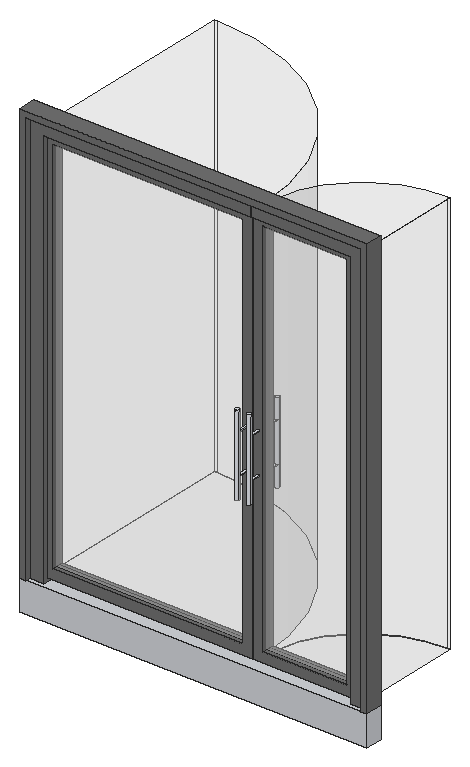
Revit family "AVLN_Дверь_Двупольная_аллюминиевая", category Двери, Revit 2021
Family settings
  Основа = Стена
  Номер OmniClass = 23.30.10.00
  Заголовок OmniClass = Doors
  Всегда вертикально = Да
  При загрузке вырезать с полостями = Нет
  Общий = Нет
  Точка принадлежности помещению = Нет
Parameters (values of type "1730х2100")
  Ширина полотна [instance] = Width - Монтажный зазор * 2 - Коробка толщина * 2 - 10 mm  # 1560 mm
  Ширина левого полотна = 600 mm
  Ширина правого полотна = Width - Ширина левого полотна  # 1130 mm
  ШПП = Ширина правого полотна + Монтажный зазор + Коробка толщина  # 1210 mm
  ШЛП = Ширина левого полотна + Монтажный зазор + Коробка толщина  # 680 mm
  Фрамуга_Справа = no
  Фрамуга_Слева = no
  Тонкая линия проема = yes
  Толщина = 85 mm  # constant formula
  Тип ручки = Дв_Дверная ручка : Ручка стационарная
  Смещение проема [instance] = 150 mm
  Смещение внутрь = 0 mm
  СП1 [instance] = if(Смещение проема = 0 mm, 10 mm, 0 mm)  # 0 mm
  Ручки_Справа = yes
  Ручки_Слева = yes
  Ручка смещение = 30 mm  # constant formula
  Ручка высота = 950 mm  # constant formula
  Рабочая зона = no
  Rough Width = Width - Монтажный зазор * 2  # 1670 mm
  Rough Height = Height - Монтажный зазор  # 2070 mm
  Порожек = no
  Порог_наружний_смещение [instance] = 0 mm
  Порог_внутренний_смещение [instance] = 0 mm
  Порог_внутренний [instance] = no
  Порог [instance] = no
  ПШПП = ШПП + Монтажный зазор + Коробка толщина  # 1290 mm
  ПШЛП = ШЛП + Монтажный зазор + Коробка толщина  # 760 mm
  Определить тепловые свойства по = Тип схем
  Открывание 30° = yes
  Монтажный зазор = 30 mm
  Материал_Рама = AVLN_Материал импоста_RAL 7024
  Материал_Рабочая зона = AVLN_Материал импоста_RAL 7024
  Материал_Панель.Фрамуги_Справа = AVLN_Остекление окон и дверей
  Материал_Панель.Фрамуги_Слева = AVLN_Материал импоста_RAL 7024
  Материал_Панель.2_Справа = AVLN_Остекление окон и дверей
  Материал_Панель.2_Слева = AVLN_Остекление окон и дверей
  Материал_Панель.1_Справа = AVLN_Остекление окон и дверей
  Материал_Монтажный зазор = AVLN_Материал импоста_RAL 7024
  Материал_Панель.1_Слева = AVLN_Остекление окон и дверей
  Материал_Дверной ручки = ADSK_Металл_Окрашенный_Белый матовый
  Коробка.Доп.Ширина = 20 mm  # constant formula
  Коробка толщина = 50 mm
  Type Comments = ""
  КП = Коробка толщина + 5 mm  # 55 mm
  Заполнение под проемом_Видимость [instance] = if(Смещение проема = 0 mm, 1 = 0, 1 = 1)  # yes
  Функция = Внутренние слои
  Model = ""
  Горизонтальный импост_Справа = no
  Горизонтальный импост_Слева = no
  Высота фрамуги = 650 mm
  Высота порога = 40 mm
  Высота горизонтального импоста = 750 mm
  ВФ2 = if(ВФ = 40 mm, 0 mm, 30 mm)  # 0 mm
  ВФ = if(not(Фрамуга_Слева), 40 mm, Высота фрамуги + 70 mm)  # 40 mm
  ВП = if(not(Порожек), 0 mm, Высота порога)  # 0 mm
  Height = 2100 mm
  Замыкание стены = По основе
  Width = 1730 mm
  Аналитическая конструкция = "<Нет>"
  АВЛН_Проем_Ширина [instance] = Width  # 1730 mm
  АВЛН_Проем_Высота [instance] = Height + Смещение проема  # 2250 mm
  ADSK_Примечание [instance] = ""
  ADSK_Позиция [instance] = ""
  ADSK_Площадь [instance] = 0.00 m²
  ADSK_Обозначение = ""
  ADSK_Наименование = ""
  ADSK_Масса = 0
  ADSK_Марка [instance] = ""
  ADSK_Количество [instance] = 0
  ADSK_Единица измерения [instance] = ""
  СМ = Смещение внутрь + Толщина  # 85 mm
Types (3, lengths in mm): name | Ширина полотна | Ширина левого полотна | Ширина правого полотна | ШПП | ШЛП | Фрамуга_Справа | Фрамуга_Слева | Rough Width | Rough Height | Порожек | ПШПП | ПШЛП | Монтажный зазор | Материал_Рама | Материал_Рабочая зона | Материал_Панель.Фрамуги_Справа | Материал_Панель.Фрамуги_Слева | Материал_Панель.2_Справа | Материал_Панель.2_Слева | Материал_Панель.1_Справа | Материал_Монтажный зазор | Материал_Панель.1_Слева | Материал_Дверной ручки | Коробка толщина | Type Comments | КП | Model | Горизонтальный импост_Справа | Горизонтальный импост_Слева | ВФ2 | ВФ | ВП | Height | Width | АВЛН_Проем_Ширина | АВЛН_Проем_Высота | ADSK_Обозначение
  1730х2100 | 1560 | 600 | 1130 | 1210 | 680 | no | no | 1670 | 2070 | no | 1290 | 760 | 30 | AVLN_Материал импоста_RAL 7024 | AVLN_Материал импоста_RAL 7024 | AVLN_Остекление окон и дверей | AVLN_Материал импоста_RAL 7024 | AVLN_Остекление окон и дверей | AVLN_Остекление окон и дверей | AVLN_Остекление окон и дверей | AVLN_Материал импоста_RAL 7024 | AVLN_Остекление окон и дверей | ADSK_Металл_Окрашенный_Белый матовый | 50 | "" | 55 | "" | no | no | 0 | 40 | 0 | 2100 | 1730 | 1730 | 2250 | ""
  1400х2100 | 1150 | 500 | 900 | 1020 | 620 | no | no | 1300 | 2050 | no | 1140 | 740 | 50 | AVLN_Материал импоста_RAL 7024 | AVLN_Материал импоста_RAL 7024 | AVLN_Остекление окон и дверей | AVLN_Материал импоста_RAL 7024 | AVLN_Остекление окон и дверей | AVLN_Остекление окон и дверей | AVLN_Остекление окон и дверей | AVLN_Материал импоста_RAL 7024 | AVLN_Остекление окон и дверей | ADSK_Металл_Окрашенный_Белый матовый | 70 | "Двери наружные" | 75 | "Дверь" | no | no | 0 | 40 | 0 | 2100 | 1400 | 1400 | 2250 | "ГОСТ 23747-2015"
  Для копирования | 1300 | 1000 | 500 | 595 | 1095 | yes | yes | 1440 | 2470 | yes | 690 | 1190 | 30 | none | none | none | none | none | none | none | none | none | none | 65 | "" | 70 | "" | yes | yes | 30 | 720 | 40 | 2500 | 1500 | 1500 | 2650 | ""
Reference planes
  plane 1: y = 0
  plane 2 "По центру (Влево/Вправо)": x = 0
  plane 3 "Слева": x = -865
  plane 4 "Справа": x = 865
  plane 5: z = 2100
  plane 6 "Наружный": y = 150
  plane 7 "Внутренние": y = -150
  plane 8: z = -150
  plane 9: x = -835
  plane 10: x = 835
  plane 11: x = 785
  plane 12: x = -785
  plane 13: z = 2070
  plane 14: z = 2020
  plane 15 "Полотно_Н": y = 150
  plane 16 "Полотно_В": y = 65
  plane 17: z = -150
  plane 18: x = 235
  plane 19: x = 295
  plane 20: z = 950
  plane 21: z = 1015
  plane 22: z = 2000
  plane 23: y = 1280
  plane 24: z = 1050
  plane 25 "ОТКР_Г": y = 165
  plane 26: z = 2030
  plane 27: z = 2030
  plane 28: x = 795
  plane 29: x = -795
  plane 30: z = 0
  plane 31: z = 70
  plane 32 "ОТКР_Д": y = 100
  plane 33: x = -530.2
  plane 34: x = -765
  plane 35: x = 765
  plane 36: x = 530
  plane 37: x = 265
  plane 38: x = -265
  plane 39: x = 295
  plane 40: x = 235
  plane 41: y = 150
  plane 42: y = -150
  plane 43: y = 1250
  plane 44: y = 1200
  plane 45: x = -800
  plane 46: x = 800
  plane 47: y = 750
  plane 48: y = 720
  plane 49: y = 670
Forms (mm)
  Extrusion 1, solid, visible <- "Заполнение под проемом_Видимость", detail levels fine
    sketch origin (0, 150, 0) x (1, 0, 0) y (0, 0, 1)
      loop
        line (865, 0) -> (-865, 0) -> (-865, -150) -> (865, -150) -> (865, 0)
    from 0 to 85
  Extrusion 2, solid, material "AVLN_Материал импоста_RAL 7024" <- "Материал_Монтажный зазор", detail levels fine
    sketch origin (0, -150, 0) x (1, 0, 0) y (0, 0, 1)
      loop
        line (-865, 0) -> (-835, 0) -> (-835, 2070) -> (835, 2070) -> (835, 0) -> (865, 0) -> (865, 2100) -> (-865, 2100) -> (-865, 0)
    from -300 to -215
  Extrusion 3, void
    sketch origin (0, 0, 0) x (1, 0, 0) y (0, 1, 0)
      loop
        line (-865, 1280) -> (-865, 150) -> (865, 150) -> (865, 1280) -> (-865, 1280)
    from 0 to 2100
  Extrusion 4, solid, material "Зоны открывания"
    sketch origin (0, 0, 0) x (1, 0, 0) y (0, 1, 0)
      loop
        line (-800, 150) -> (265, 150)
        arc (265, 150) -> (-42.538, 892.462) -> (-785, 1200) r 1050
        line (-785, 1200) -> (-800, 1200) -> (-800, 150)
    from 0 to 2020
  Extrusion 5, solid, material "Зоны открывания"
    sketch origin (0, 0, 0) x (1, 0, 0) y (0, 1, 0)
      loop
        line (800, 670) -> (785, 670)
        arc (785, 670) -> (417.304, 517.696) -> (265, 150) r 520
        line (265, 150) -> (800, 150) -> (800, 670)
    from 0 to 2020
Lines and regions (mm)
  Opening 1
    outline origin (-3050, -150, 0) x (1, 0, 0) y (0, 0, 1)
      loop
        line (2185, -150) -> (3915, -150) -> (3915, 2100) -> (2185, 2100) -> (2185, -150)
  Masking region 1, visible <- "Тонкая линия проема"
    outline origin (-80, -199.486, 0) x (1, 0, 0) y (0, 1, 0)
      loop
        line (-712.395, 374.486) -> (-785, 349.486) -> (-785, 49.486) -> (-785, 19.486) -> (945, 19.486) -> (945, 49.486) -> (945, 349.486) -> (875.199, 374.486) -> (-712.395, 374.486)
  model lines, style "Открывание_Внутрь"
    curve 1: line (765, 100, 2030) -> (265, 100, 1015)
    curve 2: line (265, 100, 1015) -> (765, 100, 70)
    curve 3: line (-765, 100, 70) -> (265, 100, 1015)
    curve 4: line (265, 100, 1015) -> (-765, 100, 2030)
  model lines, style "Открывание_Наружу"
    curve 5: line (-795, 165, 0) -> (265, 165, 1015)
    curve 6: line (265, 165, 1015) -> (-795, 165, 2030)
    curve 7: line (795, 165, 2030) -> (265, 165, 1015)
    curve 8: line (265, 165, 1015) -> (795, 165, 0)
  model lines, style "Рабочая зона", visible <- "Рабочая зона"
    curve 9: line (-865, 150, 0) -> (-750, 1280, 0)
    curve 10: line (-750, 1280, 0) -> (750, 1280, 0)
    curve 11: line (865, 150, 0) -> (750, 1280, 0)
  symbolic lines, style "Порог", visible <- "Порог"
    curve 12: line (-865, 150, 0) -> (865, 150, 0)
  symbolic lines, style "Порог", visible <- "Порог_внутренний"
    curve 13: line (-865, -150, 0) -> (865, -150, 0)
Text (mm)
  text "Наружный" at (-2295.016, 1099.543, 0), in view "Опорный уровень"
  text "Наружный" at (0, 1615.38, 3698.081), in view "Слева"
  text "Наружный" at (0, 1036.032, 3874.932), in view "Справа"
Dimensions and locks
  equal spacing: plane 3 "Слева", plane 2 "По центру (Влево/Вправо)", plane 4 "Справа"
  "Width": plane 3 "Слева" to plane 4 "Справа"
  host wall to plane 5 = 2564.966 mm  (x2)
  locked: plane 6 "Наружный" to host wall
  locked: plane 7 "Внутренние" to host wall
  plane 8 to level = 150 mm
  "Height": level to plane 5
  "Монтажный зазор": plane 3 "Слева" to plane 9
  "Монтажный зазор": plane 10 to plane 4 "Справа"
  "Смещение внутрь": plane 15 "Полотно_Н" to plane 6 "Наружный"
  "Толщина": plane 15 "Полотно_Н" to plane 16 "Полотно_В"
  level to plane 17 = 150 mm
  "Монтажный зазор": plane 13 to plane 5
  "Коробка толщина": plane 14 to plane 13
  "Коробка толщина": plane 12 to plane 9
  "Коробка толщина": plane 11 to plane 10
  "Смещение проема": level to plane 8
  "Ручка высота": level to plane 20
  "Ручка смещение": plane 18 to plane 37
  "Ручка смещение": plane 37 to plane 19
  equal spacing: level, plane 21, plane 26
  equal spacing: plane 7 "Внутренние", plane 1, plane 6 "Наружный"
  "Коробка.Доп.Ширина": plane 14 to plane 22
  "Ширина правого полотна": plane 23 to plane 15 "Полотно_Н"
  plane 15 "Полотно_Н" to plane 16 "Полотно_В" = 85 mm
  locked: plane 25 "ОТКР_Г" to plane 15 "Полотно_Н" at 15
  "ВФ": plane 13 to plane 26
  equal spacing: level, plane 24, plane 5
  "ВФ2": plane 26 to plane 27
  locked: plane 10 to plane 28 at 40
  locked: plane 9 to plane 29 at 40
  "ВП": level to plane 30
  locked: plane 31 to level at 70
  nested 7 to plane 6 "Наружный" = 60 mm
  "СП1": plane 17 to plane 8
  "Коробка толщина": plane 15 "Полотно_Н" to plane 32 "ОТКР_Д"
  locked: plane 9 to plane 34 at 70
  locked: plane 10 to plane 35 at 70
  equal spacing: plane 37, plane 36, plane 28
  "Ширина левого полотна": plane 37 to plane 4 "Справа"
  equal spacing: plane 37, plane 38, plane 29
  locked: plane 39 to plane 37 at 30
  locked: plane 37 to plane 40 at 30
  "Порог_наружний_смещение": plane 6 "Наружный" to plane 41
  "Порог_внутренний_смещение": plane 42 to plane 7 "Внутренние"
  "Монтажный зазор": plane 23 to plane 43
  locked: plane 43 to plane 44 at 50
  locked: plane 45 to plane 12 at 15
  locked: plane 11 to plane 46 at 15
  "Ширина левого полотна": plane 47 to plane 41
  "Монтажный зазор": plane 47 to plane 48
  locked: plane 48 to plane 49 at 50
  aligned and locked: plane 3 "Слева" to Opening 1 sketch curve
  aligned and locked: Opening 1 sketch curve to plane 4 "Справа"
  aligned and locked: plane 1 to host wall
  aligned and locked: plane 8 to Opening 1 sketch curve
  aligned and locked: level to Extrusion 1 sketch curve
  aligned and locked: Extrusion 1 sketch curve to plane 4 "Справа"
  aligned and locked: Extrusion 1 sketch curve to host wall
  aligned and locked: Extrusion 1 to plane 16 "Полотно_В"
  aligned and locked: Extrusion 1 to plane 15 "Полотно_Н"
  aligned and locked: Extrusion 1 sketch curve to plane 17
  aligned and locked: plane 5 to Opening 1 sketch curve
  aligned and locked: Extrusion 2 sketch curve to plane 4 "Справа"
  aligned and locked: Extrusion 2 sketch curve to plane 10
  aligned and locked: Extrusion 2 sketch curve to plane 5
  aligned and locked: Extrusion 2 sketch curve to plane 13
  aligned and locked: plane 3 "Слева" to Extrusion 2 sketch curve
  aligned and locked: plane 9 to Extrusion 2 sketch curve
  aligned and locked: Extrusion 2 sketch curve to level  (x2)
  aligned and locked: plane 19 to nested 4
  aligned and locked: plane 18 to nested 2
  aligned and locked: nested 3 to plane 19
  aligned and locked: nested 5 to plane 4 "Справа"
  aligned and locked: nested 5 to plane 15 "Полотно_Н"
  aligned and locked: nested 6 to plane 3 "Слева"
  aligned and locked: plane 15 "Полотно_Н" to nested 6
  aligned and locked: Extrusion 2 to plane 15 "Полотно_Н"
  aligned and locked: curve 10 to plane 23
  aligned and locked: plane 15 "Полотно_Н" to curve 9
  aligned and locked: curve 11 to plane 15 "Полотно_Н"
  aligned and locked: Extrusion 3 sketch curve to plane 23
  aligned and locked: Extrusion 3 sketch curve to plane 3 "Слева"
  aligned and locked: Extrusion 3 sketch curve to plane 15 "Полотно_Н"
  aligned and locked: Extrusion 3 sketch curve to plane 4 "Справа"
  aligned and locked: Extrusion 3 to plane 5
  aligned and locked: Extrusion 2 to plane 16 "Полотно_В"
  aligned and locked: plane 26 to curve 1
  aligned and locked: plane 27 to curve 7
  aligned and locked: plane 29 to curve 6
  aligned and locked: curve 6 to plane 27
  aligned and locked: plane 28 to curve 8
  aligned and locked: plane 30 to curve 8
  aligned and locked: plane 29 to curve 5
  aligned and locked: curve 5 to plane 30
  aligned and locked: plane 31 to curve 3
  aligned and locked: curve 2 to plane 31
  aligned and locked: plane 21 to curve 8
  aligned and locked: nested 1 to plane 32 "ОТКР_Д"
  aligned and locked: plane 32 "ОТКР_Д" to nested 3
  aligned and locked: nested 2 to plane 25 "ОТКР_Г"
  aligned and locked: plane 25 "ОТКР_Г" to nested 4
  aligned and locked: nested 1 to plane 18
  aligned and locked: plane 34 to curve 4
  aligned and locked: plane 35 to curve 1
  aligned and locked: plane 37 to curve 6
  aligned and locked: plane 34 to curve 3
  aligned and locked: plane 21 to curve 4
  aligned and locked: nested 8 to plane 15 "Полотно_Н"
  aligned and locked: plane 4 "Справа" to curve 12
  aligned and locked: plane 3 "Слева" to curve 12
  aligned and locked: curve 12 to plane 41
  aligned and locked: curve 13 to plane 42
  aligned and locked: plane 3 "Слева" to Masking region 1
  aligned and locked: Masking region 1 to plane 4 "Справа"
  aligned and locked: host wall to Masking region 1 sketch curve  (x4)
  aligned and locked: nested 7 to Extrusion 2
  aligned and locked: nested 8 to Extrusion 2
  aligned and locked: curve 5 to plane 25 "ОТКР_Г"
  aligned and locked: nested 7 to plane 41
  aligned and locked: Extrusion 4 sketch curve to plane 45
  aligned and locked: Extrusion 4 sketch curve to plane 15 "Полотно_Н"
  aligned and locked: Extrusion 4 to plane 14
  aligned and locked: Extrusion 5 sketch curve to plane 46
  aligned and locked: Extrusion 5 sketch curve to plane 41
  aligned and locked: plane 14 to Extrusion 5
  aligned and locked: plane 41 to Extrusion 4 sketch curve
  aligned and locked: Extrusion 4 to plane 30
  aligned and locked: Extrusion 5 to plane 30
Automatic sketch dimensions
  curve 2 to plane 37 = 0 mm
  curve 4 to plane 26 = 0 mm
  curve 2 to plane 35 = 0 mm
  curve 13 to plane 3 "Слева" = 0 mm
  curve 13 to plane 4 "Справа" = 0 mm
  Masking region 1 sketch curve to plane 3 "Слева" = 0 mm
  Masking region 1 sketch curve to plane 4 "Справа" = 0 mm
  Masking region 1 sketch curve to plane 29 = 2.605 mm
  plane 28 to Masking region 1 sketch curve = 0.199 mm
  host wall to Masking region 1 sketch curve = 30 mm
  host wall to Masking region 1 sketch curve = 25 mm
  curve 10 to plane 34 = 15 mm
  curve 11 to plane 35 = 15 mm
  curve 6 to plane 21 = 0 mm
  nested 7 to curve 7 = 0 mm
  nested 7 to curve 7 = 10 mm
  Extrusion 4 sketch curve to plane 12 = 0 mm
  Extrusion 4 sketch curve to plane 37 = 0 mm
  Extrusion 5 sketch curve to plane 37 = 0 mm
  Extrusion 5 sketch curve to plane 11 = 0 mm
Nested families
  nested 1: "Дв_Дверная ручка" at (235, 100, -90), visible <- "Ручки_Справа", type <- "Тип ручки", type "Ручка стационарная", detail levels fine
    with Высота расположения дверной ручки 1040 mm
  nested 2: "Дв_Дверная ручка" at (235, 165, -90), visible <- "Ручки_Справа", type <- "Тип ручки", type "Ручка стационарная", detail levels fine
    with Высота расположения дверной ручки 1040 mm
  nested 3: "Дв_Дверная ручка" at (295, 100, -90) x (-1, 0, 0) z (0, 0, 1), visible <- "Ручки_Слева", type <- "Тип ручки", type "Ручка стационарная", detail levels fine
    with Высота расположения дверной ручки 1040 mm
  nested 4: "Дв_Дверная ручка" at (295, 165, -90) x (-1, 0, 0) z (0, 0, 1), visible <- "Ручки_Слева", type <- "Тип ручки", type "Ручка стационарная", detail levels fine
    with Высота расположения дверной ручки 1040 mm
  nested 5: "АС-Двупольная-Обозначение на плане" at (605, 150, -150), Width <- "ШЛП", Height <- "Rough Height", Полотно.Ширина <- "Ширина левого полотна", Rough Width <- "ПШЛП", Коробка.Ширина <- "Коробка.Доп.Ширина", Коробка.Толщина <- "Толщина", Толщина <- "Коробка толщина", МЗ <- "Монтажный зазор", КП <- "КП", type "АС-Стандарт"
    with Width 680 mm, Толщина 50 mm, Rough Width 760 mm, Полотно.Ширина 600 mm, МЗ 30 mm, Коробка.Ширина 20 mm, Коробка.Толщина 85 mm, КП 55 mm, Height 2070 mm
  nested 6: "АС-Двупольная-Обозначение на плане" at (-75, 150, -150) x (-1, 0, 0) z (0, 0, 1), Width <- "ШПП", Height <- "Rough Height", Полотно.Ширина <- "Ширина правого полотна", Rough Width <- "ПШПП", Коробка.Ширина <- "Коробка.Доп.Ширина", Коробка.Толщина <- "Толщина", Толщина <- "Коробка толщина", МЗ <- "Монтажный зазор", КП <- "КП", type "АС-Стандарт"
    with Width 1210 mm, Толщина 50 mm, Rough Width 1290 mm, Полотно.Ширина 1130 mm, МЗ 30 mm, Коробка.Ширина 20 mm, Коробка.Толщина 85 mm, КП 55 mm, Height 2070 mm
  nested 7: "Алюминий ДП" at (430, 90, 0) x (-1, 0, 0) z (0, 0, 1), Width <- "Ширина левого полотна", Фрамуга <- "Фрамуга_Слева", М.Панель.1 <- "Материал_Панель.1_Слева", М.Панель.2 <- "Материал_Панель.2_Слева", М.Панель.Фрамуги <- "Материал_Панель.Фрамуги_Слева", М.Рама <- "Материал_Рама", Горизонтальный импост <- "Горизонтальный импост_Слева", Порог <- "Порожек", type "Алюминий ДП", detail levels medium+fine
    with Width 600 mm, Фрамуга no, Порог no, М.Рама AVLN_Материал импоста_RAL 7024, М.Панель.Фрамуги AVLN_Материал импоста_RAL 7024, М.Панель.2 AVLN_Остекление окон и дверей, М.Панель.1 AVLN_Остекление окон и дверей, Горизонтальный импост no, ГИ no, ВФ2 0 mm, ВФ 250 mm, ВП2 0 mm, БГИ yes
  nested 8: "Алюминий ДП" at (-430, 90, 0), Width <- "Ширина правого полотна", Фрамуга <- "Фрамуга_Справа", М.Панель.1 <- "Материал_Панель.1_Справа", М.Панель.2 <- "Материал_Панель.2_Справа", М.Панель.Фрамуги <- "Материал_Панель.Фрамуги_Справа", М.Рама <- "Материал_Рама", Горизонтальный импост <- "Горизонтальный импост_Справа", Порог <- "Порожек", type "Алюминий ДП", detail levels medium+fine
    with Width 1130 mm, Фрамуга no, Порог no, М.Рама AVLN_Материал импоста_RAL 7024, М.Панель.Фрамуги AVLN_Остекление окон и дверей, М.Панель.2 AVLN_Остекление окон и дверей, М.Панель.1 AVLN_Остекление окон и дверей, Горизонтальный импост no, ГИ no, ВФ2 0 mm, ВФ 250 mm, ВП2 0 mm, БГИ yes
Definition of nested family "Дв_Дверная ручка"
  Parameters (values of type "Ручка нажимная")
    Ручка стационарная = no
    Ручка нажимная = yes
    Define Thermal Properties by = 1
    Материал дверной ручки = none
    Высота расположения дверной ручки [instance] = 1040 mm
    Analytic Construction = "<Нет>"
    b = 25 mm
    a = 75 mm
  Types (3, lengths in mm): name | Ручка стационарная | Ручка нажимная | Высота расположения дверной ручки | a
    (no name) | no | yes | 1040 | 75
    Ручка нажимная | no | yes | 1040 | 75
    Ручка стационарная | yes | no | 1040.051 | 74.898
  Reference planes
    plane 1 "По центру (Вперед/Назад)": y = 0
    plane 2: z = 0
    plane 3 "По центру (Влево/Вправо)": x = 0
    plane 4: z = 1040
    plane 5: x = -12.5
    plane 6: x = 12.5
    plane 7: z = 1077.5
    plane 8: z = 1002.5
    plane 9: y = -15
    plane 10: y = -55
    plane 11: z = 1240.102
    plane 12: z = 840
  Forms (mm)
    Extrusion 1, solid, material <- "Материал дверной ручки", visible <- "Ручка нажимная"
      sketch origin (0, 0, 0) x (1, 0, 0) y (0, 0, 1)
        loop
          arc (-2.5, 1077.5) -> (-9.571, 1074.571) -> (-12.5, 1067.5) r 10
          line (-12.5, 1067.5) -> (-12.5, 1012.5)
          arc (-12.5, 1012.5) -> (-9.571, 1005.429) -> (-2.5, 1002.5) r 10
          line (-2.5, 1002.5) -> (2.5, 1002.5)
          arc (2.5, 1002.5) -> (9.571, 1005.429) -> (12.5, 1012.5) r 10
          line (12.5, 1012.5) -> (12.5, 1067.5)
          arc (12.5, 1067.5) -> (9.571, 1074.571) -> (2.5, 1077.5) r 10
          line (2.5, 1077.5) -> (-2.5, 1077.5)
      from 0 to 15
    Sweep 2, solid, material <- "Материал дверной ручки", visible <- "Ручка нажимная"
      path origin (0, 0, 2080) x (0, 1, 0) y (-1, 0, 0)
        loop
          line (-15, 0) -> (-38.261, 0)
          arc (-38.261, 0) -> (-45.332, 2.929) -> (-48.261, 10) r 10
          line (-48.261, 10) -> (-48.261, 130)
      profile origin (0, -26.63, 2080) x (1, 0, 0) y (0, 0, 1)
        loop
          circle (0, -1040) r 8
    Extrusion 3, solid, material <- "Материал дверной ручки", visible <- "Ручка стационарная"
      sketch origin (0, 0, 0) x (1, 0, 0) y (0, 0, 1)
        loop
          circle (0, 1140.126) r 5
      from 0 to 55
    Extrusion 4, solid, material <- "Материал дверной ручки", visible <- "Ручка стационарная"
      sketch origin (0, 0, -200.126) x (1, 0, 0) y (0, 0, 1)
        loop
          circle (0, 1140.126) r 5
      from 0 to 55
    Extrusion 5, solid, material <- "Материал дверной ручки", visible <- "Ручка стационарная"
      sketch origin (0, 112.733, 0) x (1, 0, 0) y (0, 1, 0)
        loop
          circle (0, -167.733) r 10
      from 840 to 1240.102
  Dimensions and locks
    "Высота расположения дверной ручки": plane 4 to level
    "a": plane 7 to plane 8
    "b": plane 6 to plane 5
    equal spacing: plane 6, plane 3 "По центру (Влево/Вправо)", plane 5
    locked: plane 1 "По центру (Вперед/Назад)" to plane 9 at 15
    equal spacing: plane 7, plane 4, plane 8
    Extrusion 4 to plane 4 to Extrusion 3 = 100 mm, 100.126 mm
    plane 11 to plane 12 = 400.102 mm
    aligned and locked: level to plane 2
    aligned and locked: Extrusion 1 sketch curve to plane 7
    aligned and locked: plane 5 to Extrusion 1 sketch curve
    aligned and locked: plane 8 to Extrusion 1 sketch curve
    aligned and locked: Extrusion 1 sketch curve to plane 6
    aligned and locked: Extrusion 1 to plane 1 "По центру (Вперед/Назад)"
    aligned and locked: plane 4 to Sweep 2
    aligned and locked: plane 10 to Extrusion 3
    aligned and locked: Extrusion 4 to Extrusion 3
    aligned and locked: Extrusion 3 to plane 1 "По центру (Вперед/Назад)"
    aligned and locked: Extrusion 4 to plane 1 "По центру (Вперед/Назад)"
    aligned and locked: plane 10 to Extrusion 5
    aligned and locked: plane 11 to Extrusion 5
    aligned and locked: Extrusion 5 to plane 12
  Automatic sketch dimensions
    Extrusion 5 sketch curve to plane 3 "По центру (Влево/Вправо)" = 0 mm
    plane 10 to Extrusion 5 sketch curve = 0 mm
    Sweep 2 sketch curve to plane 3 "По центру (Влево/Вправо)" = 0 mm
    plane 9 to Sweep 2 sketch curve = 0 mm
    Sweep 2 sketch curve to plane 10 = 16.739 mm
    Sweep 2 sketch curve to plane 10 = 6.739 mm
    Sweep 2 sketch curve to Sweep 2 sketch curve = 120 mm
    profile plane to Sweep 2 sketch curve = 0 mm
    Sweep 2 sketch curve to profile plane = 1040 mm
    Extrusion 3 sketch curve to plane 3 "По центру (Влево/Вправо)" = 0 mm
    Extrusion 3 sketch curve to plane 11 = 99.976 mm
    Extrusion 4 sketch curve to plane 3 "По центру (Влево/Вправо)" = 0 mm
    Extrusion 4 sketch curve to plane 4 = 100 mm
    Extrusion 1 sketch curve to plane 3 "По центру (Влево/Вправо)" = 2.5 mm  (x2)
    plane 3 "По центру (Влево/Вправо)" to Extrusion 1 sketch curve = 2.5 mm  (x2)
    radius of Extrusion 5 sketch curve = 10 mm
    radius of Sweep 2 sketch curve = 8 mm
    radius of Extrusion 3 sketch curve = 5 mm
    radius of Extrusion 4 sketch curve = 5 mm
Definition of nested family "Алюминий ДП"
  Parameters (values of type "Алюминий ДП")
    Width [instance] = 800 mm
    Фрамуга [instance] = yes
    Толщина коробки = 50 mm
    Порог [instance] = yes
    Define Thermal Properties by = 1
    МЗЗ = 30 mm
    М.Панель.Фрамуги [instance] = none
    М.Панель.2 [instance] = none
    М.Панель.1 [instance] = none
    Горизонтальный импост [instance] = yes
    Высота порога = 40 mm
    Height = 2100 mm
    ВФ2 [instance] = if(not(Фрамуга), 0 mm, Высота фрамуги)  # 650 mm
    ВФ [instance] = if(ВФ2 = 0 mm, 250 mm, ВФ2 - 40 mm)  # 610 mm
    Высота фрамуги = 650 mm
    ВП2 [instance] = if(Порог, Высота порога, 0 mm)  # 40 mm
    ВП1 = 20 mm + Высота порога  # 60 mm
    БГИ [instance] = not(Горизонтальный импост)  # no
    М.Рама [instance] = none
    ГИ [instance] = Горизонтальный импост  # yes
    Высота ГИ = 750 mm
    Analytic Construction = "<Нет>"
  Reference planes
    plane 1 "По центру (Вперед/Назад)": y = 0
    plane 2: z = 0
    plane 3 "По центру (Влево/Вправо)": x = 0
    plane 4: x = -405
    plane 5: x = 405
    plane 6: z = 2070
    plane 7: y = -60
    plane 8: x = -355
    plane 9: z = 2020
    plane 10: z = 1035
    plane 11: z = 50
    plane 12: y = -35
    plane 13: y = -55
    plane 14: z = 750
    plane 15: z = 760
    plane 16: z = 740
    plane 17: z = 1370
    plane 18: z = 1410
    plane 19: z = 2020
    plane 20 "222": z = 1390
    plane 21: x = -335
    plane 22: z = 2100
    plane 23: x = -435
    plane 24: x = 435
    plane 25: z = 40
    plane 26: z = 60
    plane 27: x = 365
    plane 28: x = -305
    plane 29: x = 315
    plane 30: z = 110
    plane 31: z = 1460
    plane 32: z = 1970
    plane 33: z = 1320
  Forms (mm)
    Sweep 1, solid, material <- "М.Рама", detail levels fine
      path origin (0, 0, 0) x (1, 0, 0) y (0, 0, 1)
        loop
          line (-405, 0) -> (-405, 2070) -> (365, 2070)
      profile "Профиль 1 : Профиль 1" origin (-405, 0, 1035) x (-1, 0, 0) y (0, -1, 0)
        loop
          line (-70, 0) -> (0, 0) -> (0, 60) -> (-50, 60) -> (-50, 15) -> (-70, 15) -> (-70, 0)
    Extrusion 2, solid, material <- "М.Панель.1", visible <- "БГИ", detail levels fine
      sketch origin (0, 0, 0) x (1, 0, 0) y (0, 0, 1)
        loop
          line (-305, 1320) -> (-305, 110) -> (315, 110) -> (315, 1320) -> (-305, 1320)
      from 35 to 55
    Sweep 3, solid, material <- "М.Рама", visible <- "ГИ", detail levels fine
      path origin (0, 0, 0) x (1, 0, 0) y (0, 0, 1)
        loop
          line (-305, 750) -> (315, 750)
      profile "Профиль 3 : Профиль 3" origin (5, 0, 750) x (0, 0, 1) y (0, -1, 0)
        loop
          line (-40, 15) -> (40, 15) -> (40, 35) -> (10, 35) -> (10, 55) -> (40, 55) -> (40, 75) -> (-40, 75) -> (-40, 55) -> (-10, 55) -> (-10, 35) -> (-40, 35) -> (-40, 15)
    Extrusion 4, solid, material <- "М.Панель.1", visible <- "ГИ", detail levels fine
      sketch origin (0, 0, 0) x (1, 0, 0) y (0, 0, 1)
        loop
          line (-305, 1320) -> (-305, 760) -> (315, 760) -> (315, 1320) -> (-305, 1320)
      from 35 to 55
    Extrusion 5, solid, material <- "М.Панель.2", visible <- "ГИ", detail levels fine
      sketch origin (0, 0, 0) x (1, 0, 0) y (0, 0, 1)
        loop
          line (-305, 740) -> (-305, 110) -> (315, 110) -> (315, 740) -> (-305, 740)
      from 35 to 55
    Extrusion 6, solid, material <- "М.Панель.Фрамуги", visible <- "Фрамуга", detail levels fine
      sketch origin (0, 0, 0) x (1, 0, 0) y (0, 0, 1)
        loop
          line (-305, 1970) -> (-305, 1460) -> (315, 1460) -> (315, 1970) -> (-305, 1970)
      from 35 to 55
    Sweep 7, solid, material <- "М.Рама", visible <- "Порог", detail levels fine
      path origin (0, 0, 0) x (1, 0, 0) y (0, 0, 1)
        loop
          line (-335, 0) -> (365, 0)
      profile "Профиль 5 : Профиль 5" origin (15, 0, 0) x (0, 0, 1) y (0, -1, 0)
        loop
          line (0, 60) -> (0, -5) -> (10, -5) -> (22.5, 40) -> (60, 40) -> (60, 60) -> (0, 60)
    Extrusion 8, solid, material <- "М.Рама", detail levels fine
      sketch origin (0, 0, 0) x (1, 0, 0) y (0, 1, 0)
        loop
          line (-355, -15) -> (-355, -60) -> (-335, -60) -> (-335, -15) -> (-355, -15)
      from 0 to 60
    Sweep 9, solid, material <- "М.Рама", visible <- "Фрамуга", detail levels fine
      path origin (225.411, 0, 1390) x (0, 1, 0) y (-1, 0, 0)
        loop
          line (0, -139.589) -> (0, 560.411)
      profile "Профиль 4 : Профиль 4" origin (15, 0, 1390) x (0, -1, 0) y (0, 0, 1)
        loop
          line (0, 40) -> (0, -40) -> (15, -40) -> (15, -15) -> (60, -15) -> (60, 15) -> (15, 15) -> (15, 40) -> (0, 40)
    Extrusion 10, solid, material <- "М.Рама"
      sketch origin (0, 0, 0) x (1, 0, 0) y (0, 0, 1)
        loop
          line (-355, 1370) -> (-355, 60) -> (365, 60) -> (365, 1370) -> (-355, 1370)
        loop
          line (315, 110) -> (315, 1320) -> (-305, 1320) -> (-305, 110) -> (315, 110)
      from 15 to 75
    Extrusion 11, solid, material <- "М.Рама"
      sketch origin (0, 0, 0) x (1, 0, 0) y (0, 0, 1)
        loop
          line (-355, 2020) -> (-355, 1410) -> (365, 1410) -> (365, 2020) -> (-355, 2020)
        loop
          line (-305, 1970) -> (-305, 1460) -> (315, 1460) -> (315, 1970) -> (-305, 1970)
      from 15 to 75
  Cuts and joins
    joined: Sweep 1, Extrusion 8
  Dimensions and locks
    equal spacing: plane 4, plane 3 "По центру (Влево/Вправо)", plane 5
    "Width": plane 27 to plane 23
    "Height": plane 22 to level
    locked: plane 1 "По центру (Вперед/Назад)" to plane 7 at 60
    locked: plane 4 to plane 8 at 50
    equal spacing: plane 6, plane 10, level
    locked: plane 6 to plane 9 at 50
    "ВП2": plane 2 to plane 25
    locked: plane 12 to plane 13 at 20
    locked: plane 1 "По центру (Вперед/Назад)" to plane 12 at 35
    "Высота ГИ": plane 14 to level
    plane 15 to plane 14 to plane 16 = 10 mm locked, 10 mm locked
    plane 19 to plane 18 = 610 mm
    locked: plane 18 to plane 17 at 40
    "ВФ": plane 19 to plane 18
    equal spacing: plane 18, plane 20 "222", plane 17
    locked: plane 21 to plane 8 at 20
    "ВФ2": plane 9 to plane 17
    "МЗЗ": plane 22 to plane 6
    "МЗЗ": plane 4 to plane 23
    "МЗЗ": plane 5 to plane 24
    locked: plane 7 to plane 1 "По центру (Вперед/Назад)" at 60
    locked: plane 11 to plane 25 at 10
    locked: plane 11 to plane 26 at 10
    "Толщина коробки": plane 28 to plane 8
    "Толщина коробки": plane 17 to plane 33
    "Толщина коробки": plane 30 to plane 26
    "Толщина коробки": plane 31 to plane 18
    "Толщина коробки": plane 9 to plane 32
    "Толщина коробки": plane 29 to plane 27
    aligned and locked: level to plane 2
    aligned and locked: Sweep 1 sketch curve to plane 6
    aligned and locked: plane 4 to Sweep 1 sketch curve
    aligned and locked: plane 12 to Extrusion 2
    aligned and locked: Extrusion 2 to plane 13
    aligned and locked: Sweep 3 sketch curve to plane 14
    aligned and locked: Extrusion 4 sketch curve to plane 15
    aligned and locked: plane 16 to Extrusion 5 sketch curve
    aligned and locked: Extrusion 4 to plane 13
    aligned and locked: plane 12 to Extrusion 4
    aligned and locked: Extrusion 5 to plane 13
    aligned and locked: plane 12 to Extrusion 5
    aligned and locked: Sweep 7 sketch curve to level
    aligned and locked: plane 21 to Sweep 7 sketch curve
    aligned and locked: Extrusion 8 sketch curve to Sweep 1  (x2)
    aligned and locked: Extrusion 8 sketch curve to Sweep 7
    aligned and locked: Extrusion 8 to plane 26
    aligned and locked: plane 27 to Sweep 1 sketch curve
    aligned and locked: plane 27 to Sweep 7 sketch curve
    aligned and locked: Sweep 9 sketch curve to plane 1 "По центру (Вперед/Назад)"
    aligned and locked: plane 30 to Extrusion 5  (x3)
    aligned and locked: plane 33 to Extrusion 4
    aligned and locked: plane 33 to Extrusion 2
    aligned and locked: Extrusion 5 to plane 29  (x2)
    aligned and locked: Extrusion 2 to plane 29
    aligned and locked: Extrusion 4 to plane 29  (x2)
    aligned and locked: plane 28 to Sweep 3 sketch curve
    aligned and locked: plane 29 to Sweep 3 sketch curve
    aligned and locked: Extrusion 6 to plane 29
    aligned and locked: Extrusion 6 to plane 31
    aligned and locked: Extrusion 6 to plane 28
    aligned and locked: plane 32 to Extrusion 6
    aligned and locked: plane 31 to Extrusion 11
    aligned and locked: plane 28 to Extrusion 11
    aligned and locked: Extrusion 11 to plane 32
    aligned and locked: Extrusion 11 to plane 8
    aligned and locked: plane 19 to Extrusion 11
    aligned and locked: Extrusion 11 to plane 18
    aligned and locked: Extrusion 11 to Extrusion 10  (x2)
    aligned and locked: Extrusion 11 to plane 27  (x3)
    aligned and locked: plane 27 to Sweep 9 sketch curve
    aligned and locked: cut or joined group of Sweep 1, Extrusion 8 to Sweep 9 sketch curve
    aligned and locked: Extrusion 10 to plane 27  (x2)
    aligned and locked: plane 29 to Extrusion 10  (x3)
    aligned and locked: Extrusion 10 to plane 33
    aligned and locked: Extrusion 2 to plane 28
    aligned and locked: Extrusion 5 to plane 28
    aligned and locked: Extrusion 4 to plane 28
    aligned and locked: plane 29 to Extrusion 11
    aligned and locked: plane 28 to Extrusion 10
    aligned and locked: plane 30 to Extrusion 2
    aligned and locked: Extrusion 10 to plane 30
  Automatic sketch dimensions
    Sweep 1 sketch curve to level = 0 mm
    plane 7 to Extrusion 8 sketch curve = 0 mm
    Extrusion 10 sketch curve to plane 21 = 20 mm
    Extrusion 10 sketch curve to plane 26 = 0 mm
    plane 21 to Extrusion 2 sketch curve = 30 mm
    plane 21 to Extrusion 4 sketch curve = 30 mm
    plane 21 to Extrusion 5 sketch curve = 30 mm
    plane 21 to Extrusion 6 sketch curve = 30 mm
    Extrusion 10 sketch curve to Extrusion 10 sketch curve = 50 mm  (x3)
    Extrusion 2 sketch curve to plane 26 = 50 mm
    Extrusion 5 sketch curve to plane 26 = 50 mm
    Extrusion 2 sketch curve to plane 17 = 50 mm
    Extrusion 4 sketch curve to plane 17 = 50 mm
    Extrusion 10 sketch curve to plane 17 = 50 mm
    Extrusion 10 sketch curve to plane 17 = 0 mm
    plane 18 to Extrusion 6 sketch curve = 50 mm
    Extrusion 6 sketch curve to plane 9 = 50 mm
    Extrusion 11 sketch curve to plane 21 = 20 mm
    plane 28 to Extrusion 11 sketch curve = 0 mm
    plane 29 to Extrusion 11 sketch curve = 0 mm
    plane 5 to Extrusion 11 sketch curve = 40 mm
    Extrusion 11 sketch curve to plane 31 = 50 mm
    Extrusion 11 sketch curve to plane 31 = 0 mm
    plane 32 to Extrusion 11 sketch curve = 0 mm
    Extrusion 11 sketch curve to plane 9 = 0 mm
    plane 29 to Extrusion 2 sketch curve = 0 mm
    plane 29 to Extrusion 4 sketch curve = 0 mm
    plane 29 to Extrusion 5 sketch curve = 0 mm
    plane 29 to Extrusion 6 sketch curve = 0 mm
    plane 29 to Extrusion 10 sketch curve = 0 mm
    plane 1 "По центру (Вперед/Назад)" to Sweep 9 sketch curve = 0 mm
Definition of nested family "АС-Двупольная-Обозначение на плане"
  Parameters (values of type "АС-Стандарт")
    Полотно.Ширина [instance] = 900 mm
    Открывание двери 90 = not(Открывание двери 30)  # no
    Открывание двери 30 = yes
    МЗ [instance] = 20 mm
    Линия открывания (дуга) = not(Открывание двери 30)  # no
    Коробка.Ширина [instance] = 40 mm
    Коробка.Толщина [instance] = 80 mm
    Width [instance] = 1000 mm
    Thickness [instance] = 40 mm
    Rough Width [instance] = 960 mm
    КП [instance] = 30 mm
    Height [instance] = 2100 mm
    Default Elevation = 0 mm
    Analytic Construction = "<Нет>"
  Reference planes
    plane 1 "Center (Front/Back)": y = 0
    plane 2: z = 0
    plane 3 "Center (Left/Right)": x = 0
    plane 4 "Полотно.Слева": x = -480
    plane 5 "Полотно справа": x = 480
    plane 6 "Проем.Слева": x = -500
    plane 7 "Проем.Справа": x = 500
    plane 8 "Полотно. Внутренняя сторона": y = -40
    plane 9 "Коробка. Внутренняя сторона": y = -80
    plane 10 "Коробка.Внутренняя сторона слева": x = -450
    plane 11 "Коробка. Внутренняя сторона справа": x = 450
    plane 12 "2": x = -410
    plane 13 "3": x = 410
  Lines and regions (mm)
    Masking region 1, detail levels fine
      outline origin (0, 0, 0) x (1, 0, 0) y (0, 1, 0)
        loop
          line (500, -80) -> (500, 0) -> (480, 0) -> (480, -80) -> (500, -80)
    Masking region 2, detail levels fine
      outline origin (0, 0, 0) x (1, 0, 0) y (0, 1, 0)
        loop
          line (480, 0) -> (450, 0) -> (450, -40) -> (410, -40) -> (410, -80) -> (480, -80) -> (480, 0)
    Masking region 3, visible <- "Открывание двери 90", detail levels fine
      outline origin (0, 0, 0) x (1, 0, 0) y (0, 1, 0)
        loop
          line (450, 0) -> (450, 900) -> (410, 900) -> (410, 0) -> (450, 0)
    Masking region 4, visible <- "Открывание двери 30", detail levels fine
      outline origin (0, 0, 0) x (1, 0, 0) y (0, 1, 0)
        loop
          line (450, 0) -> (-329.423, 450) -> (-349.423, 415.359) -> (430, -34.641) -> (450, 0)
    symbolic lines, visible <- "Открывание двери 30", detail levels coarse+medium
      curve 1: line (500, 0, 0) -> (-366.025, 500, 0)
    symbolic lines, visible <- "Открывание двери 90", detail levels coarse+medium
      curve 2: line (500, 0, 0) -> (500, 1000, 0)
    symbolic lines, visible <- "Линия открывания (дуга)", detail levels coarse+medium
      curve 3: arc (500, 1000, 0) -> (-207.107, 707.107, 0) -> (-500, 0, 0) r 1000
    symbolic lines, visible <- "Линия открывания (дуга)", detail levels fine
      curve 4: arc (-450, 0, 0) -> (-186.396, 636.396, 0) -> (450, 900, 0) r 900
    model lines, not visible
      curve 5: line (0, 0, 0) -> (0, 0, 2100)
  Dimensions and locks
    "Thickness": plane 1 "Center (Front/Back)" to plane 8 "Полотно. Внутренняя сторона"  (x2)
    plane 1 "Center (Front/Back)" to plane 9 "Коробка. Внутренняя сторона" = 80 mm
    "Коробка.Толщина": plane 9 "Коробка. Внутренняя сторона" to plane 1 "Center (Front/Back)"
    "Полотно.Ширина": plane 10 "Коробка.Внутренняя сторона слева" to plane 11 "Коробка. Внутренняя сторона справа"
    "Width": curve 1 to curve 1
    "Width": plane 1 "Center (Front/Back)" to curve 2
    "Коробка.Ширина": Masking region 2 sketch curve to Masking region 2 sketch curve
    "Полотно.Ширина": plane 1 "Center (Front/Back)" to Masking region 3 sketch curve
    "Thickness": Masking region 3 sketch curve to plane 11 "Коробка. Внутренняя сторона справа"
    "Полотно.Ширина": Masking region 4 sketch curve to Masking region 4 sketch curve
    "Thickness": Masking region 4 sketch curve to Masking region 4 sketch curve
    "Height": curve 5 to level
    "Thickness": Masking region 3 to plane 11 "Коробка. Внутренняя сторона справа"
    "Thickness": Masking region 4 to Masking region 4
    "Коробка.Ширина": plane 10 "Коробка.Внутренняя сторона слева" to plane 12 "2"
    "Коробка.Ширина": plane 13 "3" to plane 11 "Коробка. Внутренняя сторона справа"
    "КП": plane 11 "Коробка. Внутренняя сторона справа" to plane 5 "Полотно справа"
    "КП": plane 4 "Полотно.Слева" to plane 10 "Коробка.Внутренняя сторона слева"
    "МЗ": plane 5 "Полотно справа" to plane 7 "Проем.Справа"
    "МЗ": plane 6 "Проем.Слева" to plane 4 "Полотно.Слева"
    "Width": radius of curve 3
    "Полотно.Ширина": radius of curve 4
    locked: curve 1 to plane 1 "Center (Front/Back)" (angle 30.00°)
    locked: Masking region 4 sketch curve to plane 1 "Center (Front/Back)" (angle 30.00°)
    aligned and locked: level to plane 2
    aligned and locked: plane 7 "Проем.Справа" to curve 2
    aligned and locked: plane 1 "Center (Front/Back)" to curve 2
    aligned and locked: plane 9 "Коробка. Внутренняя сторона" to Masking region 1 sketch curve
    aligned and locked: Masking region 1 sketch curve to plane 7 "Проем.Справа"
    aligned and locked: plane 1 "Center (Front/Back)" to Masking region 1 sketch curve
    aligned and locked: plane 5 "Полотно справа" to Masking region 1 sketch curve
    aligned and locked: Masking region 2 sketch curve to plane 5 "Полотно справа"
    aligned and locked: Masking region 2 sketch curve to plane 11 "Коробка. Внутренняя сторона справа"
    aligned and locked: Masking region 2 sketch curve to plane 9 "Коробка. Внутренняя сторона"
    aligned and locked: Masking region 2 sketch curve to plane 8 "Полотно. Внутренняя сторона"
    aligned and locked: Masking region 2 sketch curve to plane 1 "Center (Front/Back)"
    aligned and locked: plane 11 "Коробка. Внутренняя сторона справа" to curve 4
    aligned and locked: Masking region 2 to Masking region 3 sketch curve
    aligned and locked: Masking region 3 sketch curve to Masking region 2
    aligned and locked: plane 11 "Коробка. Внутренняя сторона справа" to Masking region 4 sketch curve
    aligned and locked: plane 2 to curve 5
    aligned and locked: plane 3 "Center (Left/Right)" to curve 5
    aligned and locked: plane 11 "Коробка. Внутренняя сторона справа" to Masking region 3
    aligned and locked: plane 1 "Center (Front/Back)" to Masking region 3
  Automatic sketch dimensions
    plane 1 "Center (Front/Back)" to curve 4 = 0 mm
    plane 1 "Center (Front/Back)" to Masking region 4 sketch curve = 0 mm
